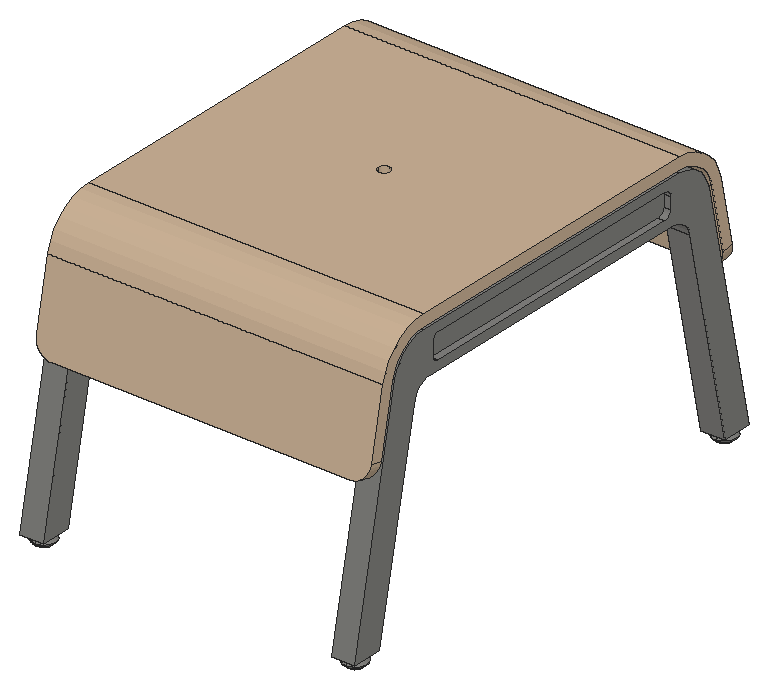
Revit family "Table-Teknion-ZNQT_Zones_In_Line_Table-R2022", category Furniture, Revit 2023
Family settings
  OmniClass Number = 23.40.20.00
  OmniClass Title = General Furniture and Specialties
  Work Plane-Based = No
  Enable Cutting in Views = No
  Always vertical = Yes
  Cut with Voids When Loaded = No
  Render Appearance Source = Family Geometry
  Shared = Yes
  Room Calculation Point = No
Parameters (values of type "With Cut Out For Light Style")
  Warranty = "http://www.teknion.com/ca/papers/legal-canada"
  Unit Weight URL = "http://www.teknion.com/ca/tools/assets#&asset=bee6a381-b954-425e-8283-5a2de3a804f2,f828d448-4b62-4231-9e5f-9a8991c0ed77"
  URL = "www.teknion.com"
  To render please download texture images found here [instance] = "https://assets.teknion.com/web/5e81352c1dfdb467/revit-material-swatches/"
  Table Finish [instance] = Veneer - Teknion - DC - Pecan Beech
  Sustainability Data = "https://www.teknion.com/ca/tools/assets#&topic=216f99a5-57a0-44fc-b10a-9dee9b29ae4c&asset=444deb64-fe58-4b68-981e-f75e97781df7,b4ff2d81-9f2e-437d-9659-7cffb09c31cf"
  Series = "Zones"  # constant formula
  Product Page URL = "https://www.teknion.com/ca/products/product-details?productlineid=b28c7a6e-8e7a-673b-a6c8-ff64004460c4"
  Product Line = "Modular Seating"  # constant formula
  Product Documentation Link = "https://www.teknion.com/pricing/zones/pdfs/ZNQT_ppg.pdf"
  Part Number = "ZNQT"  # constant formula
  Model = "ZNQTY"
  Metal Leg Finish [instance] = Seamless Paint - Teknion - 24 - Greystone
  Manufacturer Phone = "416-661-3370"  # constant formula
  Manufacturer Fax = "416.661.4586"  # constant formula
  Manufacturer Contact Information = "http://www.teknion.com/ca/contactus"
  Manufacturer Address = "1150 Flint Road, Toronto, ON. M3J 2J5. Canada"  # constant formula
  Manufacturer = "Teknion"  # constant formula
  MR - No Cut-Out = not([MR - Has Cut-Out])  # no
  MR - Has Cut-Out = [Has Cut-Out]  # yes
  How To Use Teknion Materials User Guide [instance] = "https://assets.teknion.com/m/205dd0a49fa58060/original/How-to-add-a-Material-Library-and-Texture-Images-to-your-Revit-project.pdf"
  Has Cut-Out = yes
  For Additional Finishes please visit [instance] = "https://assets.teknion.com/m/44a8009b046e5d47/original/Teknion_Materials_Library.zip"
  Description = "Zones - In-Line Table, With Cut Out For Light Style"
  Default Elevation = 0.000"
  Cut-Out - Light = if([Has Cut-Out], 3.000", 0.100")  # 3.000"
  Assembly Code = "E2020200"
Types (3): name | Table Finish | Model | Metal Leg Finish | MR - No Cut-Out | MR - Has Cut-Out | Has Cut-Out | Description | Cut-Out - Light
  (no name) | Veneer - Teknion - DC - Pecan Beech | "ZNQTY" | Seamless Paint - Teknion - 24 - Greystone | no | yes | yes | "Zones - In-Line Table, With Cut Out For Light Style" | 3.000"
  With Cut Out For Light Style | Veneer - Teknion - DC - Pecan Beech | "ZNQTY" | Seamless Paint - Teknion - 24 - Greystone | no | yes | yes | "Zones - In-Line Table, With Cut Out For Light Style" | 3.000"
  No Cut Out Style | Veneer - Teknion - BR - Greystone Beech | "ZNQTN" | Seamless Paint - Teknion - 27 - Sand | yes | no | no | "Zones - In-Line Table, No Cut Out Style" | 0.100"
Reference planes (in)
  plane 1 "Center Front/Back": y = 0
  plane 2: z = 0
  plane 3 "Center Left/Right": x = 9.25
  plane 4 "Left": x = 0.25
  plane 5 "Right": x = 18.25
  plane 6 "Back": y = 13.20459
  plane 7 "Front": y = -13.20459
  plane 8 "Top": z = 15.42691
  plane 9 "1": x = 0.88005
  plane 10 "2": x = 17.61995
Forms (in)
  Sweep 1, solid, material "Seamless Paint - Teknion - 24 - Greystone" <- "Metal Leg Finish"
    path origin (0, 0, 0) x (1, 0, 0) y (0, 1, 0)
      loop
        line (1.5101, 0) -> (0.25, 0)
    profile origin (0.88005, 0, 0) x (0, -1, 0) y (0, 0, 1)
      loop
        arc (8.13508, 12.29643) -> (8.8805, 12.03247) -> (9.29367, 11.35823) r 1.18447
        line (9.29367, 11.35823) -> (11.60184, 0.49916) -> (13.20504, 0.49892) -> (10.52758, 13.09535)
        arc (10.52758, 13.09535) -> (9.84207, 14.214) -> (8.60534, 14.65195) r 1.96519
        line (8.60534, 14.65195) -> (-8.60534, 14.65195)
        arc (-8.60534, 14.65195) -> (-9.84207, 14.214) -> (-10.52758, 13.09535) r 1.96519
        line (-10.52758, 13.09535) -> (-13.20504, 0.49892) -> (-11.60184, 0.49916) -> (-9.29367, 11.35823)
        arc (-9.29367, 11.35823) -> (-8.8805, 12.03247) -> (-8.13508, 12.29643) r 1.18447
        line (-8.13508, 12.29643) -> (8.13508, 12.29643)
  Sweep 2, void
    path origin (0, 0, 0) x (1, 0, 0) y (0, 1, 0)
      loop
        line (0.6437, 0) -> (-0.3563, 0)
    profile origin (0.1437, 0, 0) x (0, -1, 0) y (0, 0, 1)
      loop
        arc (7.62113, 12.7748) -> (7.89295, 12.88739) -> (8.00554, 13.15921) r 0.38441
        line (8.00554, 13.15921) -> (8.00554, 13.78913)
        arc (8.00554, 13.78913) -> (7.89295, 14.06095) -> (7.62113, 14.17355) r 0.38441
        line (7.62113, 14.17355) -> (-7.62113, 14.17355)
        arc (-7.62113, 14.17355) -> (-7.89295, 14.06095) -> (-8.00554, 13.78913) r 0.38441
        line (-8.00554, 13.78913) -> (-8.00554, 13.15921)
        arc (-8.00554, 13.15921) -> (-7.89295, 12.88739) -> (-7.62113, 12.7748) r 0.38441
        line (-7.62113, 12.7748) -> (7.62113, 12.7748)
  Sweep 3, solid, material "Seamless Paint - Teknion - 24 - Greystone" <- "Metal Leg Finish"
    path origin (18.5, 0, 0) x (-1, 0, 0) y (0, -1, 0)
      loop
        line (1.5101, 0) -> (0.25, 0)
    profile origin (17.61995, 0, 0) x (0, 1, 0) y (0, 0, 1)
      loop
        line (-8.13508, 12.29643) -> (8.13508, 12.29643)
        arc (8.13508, 12.29643) -> (8.8805, 12.03247) -> (9.29367, 11.35823) r 1.18447
        line (9.29367, 11.35823) -> (11.60184, 0.49916) -> (13.20504, 0.49892) -> (10.52758, 13.09535)
        arc (10.52758, 13.09535) -> (9.84207, 14.214) -> (8.60534, 14.65195) r 1.96519
        line (8.60534, 14.65195) -> (-8.60534, 14.65195)
        arc (-8.60534, 14.65195) -> (-9.84207, 14.214) -> (-10.52758, 13.09535) r 1.96519
        line (-10.52758, 13.09535) -> (-13.20504, 0.49892) -> (-11.60184, 0.49916) -> (-9.29367, 11.35823)
        arc (-9.29367, 11.35823) -> (-8.8805, 12.03247) -> (-8.13508, 12.29643) r 1.18447
  Sweep 4, void
    path origin (18.5, 0, 0) x (-1, 0, 0) y (0, -1, 0)
      loop
        line (0.6437, 0) -> (-0.3563, 0)
    profile origin (18.3563, 0, 0) x (0, 1, 0) y (0, 0, 1)
      loop
        line (-7.62113, 12.7748) -> (7.62113, 12.7748)
        arc (7.62113, 12.7748) -> (7.89295, 12.88739) -> (8.00554, 13.15921) r 0.38441
        line (8.00554, 13.15921) -> (8.00554, 13.78913)
        arc (8.00554, 13.78913) -> (7.89295, 14.06095) -> (7.62113, 14.17355) r 0.38441
        line (7.62113, 14.17355) -> (-7.62113, 14.17355)
        arc (-7.62113, 14.17355) -> (-7.89295, 14.06095) -> (-8.00554, 13.78913) r 0.38441
        line (-8.00554, 13.78913) -> (-8.00554, 13.15921)
        arc (-8.00554, 13.15921) -> (-7.89295, 12.88739) -> (-7.62113, 12.7748) r 0.38441
  Sweep 5, solid, material "Veneer - Teknion - DC - Pecan Beech" <- "Table Finish"
    path origin (0, 0, 0) x (1, 0, 0) y (0, 1, 0)
      loop
        line (18.25, 0) -> (0.25, 0)
    profile origin (9.25, 0, 0) x (0, -1, 0) y (0, 0, 1)
      loop
        line (8.61651, 15.42691) -> (-8.61651, 15.42691)
        arc (-8.61651, 15.42691) -> (-10.37254, 14.80507) -> (-11.34589, 13.2167) r 2.79035
        line (-11.34589, 13.2167) -> (-10.73455, 13.08676)
        arc (-10.73455, 13.08676) -> (-9.97921, 14.31935) -> (-8.61651, 14.80191) r 2.16535
        line (-8.61651, 14.80191) -> (8.61651, 14.80191)
        arc (8.61651, 14.80191) -> (9.97921, 14.31935) -> (10.73455, 13.08676) r 2.16535
        line (10.73455, 13.08676) -> (11.34589, 13.2167)
        arc (11.34589, 13.2167) -> (10.37254, 14.80507) -> (8.61651, 15.42691) r 2.79035
  Sweep 6, solid, material "Veneer - Teknion - DC - Pecan Beech" <- "Table Finish"
    path origin (9.25, 0, 0) x (0, 1, 0) y (0, 0, 1)
      loop
        line (-11.34589, 13.2167) -> (-10.73455, 13.08676)
    profile origin (9.25, -11.04022, 13.15173) x (0, 0.207912, 0.978148) y (1, 0, 0)
      loop
        line (-4.61243, 8) -> (-4.61243, -8)
        arc (-4.61243, -8) -> (-4.31954, -8.70711) -> (-3.61243, -9) r 1
        line (-3.61243, -9) -> (0, -9) -> (0, 9) -> (-3.61243, 9)
        arc (-3.61243, 9) -> (-4.31954, 8.70711) -> (-4.61243, 8) r 1
  Sweep 7, solid, material "Veneer - Teknion - DC - Pecan Beech" <- "Table Finish"
    path origin (9.25, 0, 0) x (0, -1, 0) y (0, 0, -1)
      loop
        line (-11.34589, -13.2167) -> (-10.73455, -13.08676)
    profile origin (9.25, 11.04022, 13.15173) x (0, 0.207912, -0.978148) y (1, 0, 0)
      loop
        arc (4.61243, 8) -> (4.31954, 8.70711) -> (3.61243, 9) r 1
        line (3.61243, 9) -> (0, 9) -> (0, -9) -> (3.61243, -9)
        arc (3.61243, -9) -> (4.31954, -8.70711) -> (4.61243, -8) r 1
        line (4.61243, -8) -> (4.61243, 8)
  Sweep 8, void
    path origin (0, 0, 0) x (1, 0, 0) y (0, 0, 1)
      loop
        line (9.25, 16.67691) -> (9.25, 13.67691)
    profile origin (9.25, 0, 15.17691) x (0, -1, 0) y (1, 0, 0)
      loop
        circle (0, 0) r 0.325
  Sweep 9, solid, material "Veneer - Teknion - DC - Pecan Beech" <- "Table Finish"
    path origin (9.25, 0, 0) x (0, 1, 0) y (0, 0, 1)
      loop
        line (0, 13.87443) -> (0, 14.92691)
    profile origin (9.25, 0, 14.40067) x (0, -1, 0) y (1, 0, 0)
      loop
        line (-5.75, -6.674) -> (-8.25, -6.674) -> (-8.25, -7.6589) -> (-5.75, -7.6589) -> (-5.75, -6.674)
      loop
        line (-8.25, 6.674) -> (-5.75, 6.674) -> (-5.75, 7.6589) -> (-8.25, 7.6589) -> (-8.25, 6.674)
      loop
        line (5.75, 7.6589) -> (5.75, 6.674) -> (8.25, 6.674) -> (8.25, 7.6589) -> (5.75, 7.6589)
      loop
        line (8.25, -6.674) -> (5.75, -6.674) -> (5.75, -7.6589) -> (8.25, -7.6589) -> (8.25, -6.674)
  Sweep 10, solid, material "Veneer - Teknion - DC - Pecan Beech" <- "Table Finish"
    path origin (9.25, 0, 0) x (0, 1, 0) y (0, 0, 1)
      loop
        line (-10.5785, 10.62466) -> (-10.05872, 13.07003)
    profile origin (9.25, -10.31861, 11.84734) x (0, -0.978148, 0.207912) y (1, 0, 0)
      loop
        line (0, -6.75) -> (0, -7.8189) -> (0.91453, -7.8189) -> (0.91453, -6.75) -> (0, -6.75)
      loop
        line (0, 6.75) -> (0.91453, 6.75) -> (0.91453, 7.8189) -> (0, 7.8189) -> (0, 6.75)
  Sweep 11, solid, material "Veneer - Teknion - DC - Pecan Beech" <- "Table Finish"
    path origin (9.25, 0, 0) x (0, -1, 0) y (0, 0, -1)
      loop
        line (-10.5785, -10.62466) -> (-10.05872, -13.07003)
    profile origin (9.25, 10.31861, 11.84734) x (0, -0.978148, -0.207912) y (1, 0, 0)
      loop
        line (0, -6.75) -> (-0.91453, -6.75) -> (-0.91453, -7.8189) -> (0, -7.8189) -> (0, -6.75)
      loop
        line (0, 6.75) -> (0, 7.8189) -> (-0.91453, 7.8189) -> (-0.91453, 6.75) -> (0, 6.75)
  Revolve 12, solid, material "Seamless Paint - Teknion - 24 - Greystone" <- "Metal Leg Finish"
    sketch origin (0.88005, -38.16977, 48) x (0, -1, 0) y (0, 0, 1)
      loop
        line (-26.01561, -47.52) -> (-26.38884, -47.79991) -> (-26.35738, -47.85) -> (-26.28905, -47.85) -> (-26.19485, -48) -> (-25.76616, -48) -> (-25.76616, -47.52) -> (-26.01561, -47.52)
      axis (-25.76616, -47.52) -> (-25.76616, -48)
    angle from 0 to 360
  Revolve 13, solid, material "Seamless Paint - Teknion - 24 - Greystone" <- "Metal Leg Finish"
    sketch origin (0.88005, 38.16977, 48) x (0, 1, 0) y (0, 0, -1)
      loop
        line (-26.01561, 47.52) -> (-25.76616, 47.52) -> (-25.76616, 48) -> (-26.19485, 48) -> (-26.28905, 47.85) -> (-26.35738, 47.85) -> (-26.38884, 47.79991) -> (-26.01561, 47.52)
      axis (-25.76616, 47.52) -> (-25.76616, 48)
    angle from 0 to 360
  Revolve 14, solid, material "Seamless Paint - Teknion - 24 - Greystone" <- "Metal Leg Finish"
    sketch origin (17.61995, -13.38337, 48) x (0, -1, 0) y (0, 0, 1)
      loop
        line (-1.22921, -47.52) -> (-1.60244, -47.79991) -> (-1.57098, -47.85) -> (-1.50265, -47.85) -> (-1.40846, -48) -> (-0.97976, -48) -> (-0.97976, -47.52) -> (-1.22921, -47.52)
      axis (-0.97976, -47.52) -> (-0.97976, -48)
    angle from 0 to 360
  Revolve 15, solid, material "Seamless Paint - Teknion - 24 - Greystone" <- "Metal Leg Finish"
    sketch origin (17.61995, -13.38337, 48) x (0, -1, 0) y (0, 0, 1)
      loop
        line (-25.53753, -47.52) -> (-25.78698, -47.52) -> (-25.78698, -48) -> (-25.35828, -48) -> (-25.26409, -47.85) -> (-25.19576, -47.85) -> (-25.1643, -47.79991) -> (-25.53753, -47.52)
      axis (-25.78698, -47.52) -> (-25.78698, -48)
    angle from 0 to 360
Cuts and joins
  Sweep 4 cuts Sweep 3
  Sweep 2 cuts Sweep 1
  Sweep 8 cuts Sweep 5
  joined: Sweep 5, Sweep 6, Sweep 7, Sweep 9, Sweep 10, Sweep 11
Lines and regions (in)
  Masking region 1, visible <- "MR - No Cut-Out"
    outline origin (0, 0, 0) x (1, 0, 0) y (0, 1, 0)
      loop
        line (0.25, 13.20504) -> (0.25, -13.20504) -> (1.5101, -13.20504) -> (1.5101, -12.30487) -> (16.9899, -12.30487) -> (16.9899, -13.20504) -> (18.25, -13.20504) -> (18.25, 13.20504) -> (16.9899, 13.20504) -> (16.9899, 12.30487) -> (1.5101, 12.30487) -> (1.5101, 13.20504) -> (0.25, 13.20504)
  Masking region 2, visible <- "MR - Has Cut-Out"
    outline origin (0, 0, 0) x (1, 0, 0) y (0, 1, 0)
      loop
        line (16.9899, 12.30487) -> (1.5101, 12.30487) -> (1.5101, 13.20504) -> (0.25, 13.20504) -> (0.25, -13.20504) -> (1.5101, -13.20504) -> (1.5101, -12.30487) -> (16.9899, -12.30487) -> (16.9899, -13.20504) -> (18.25, -13.20504) -> (18.25, 13.20504) -> (16.9899, 13.20504) -> (16.9899, 12.30487)
      loop
        circle (9.25, 0) r 0.325
  symbolic lines
    curve 1: line (17.25, 12.30487, 0) -> (1.25, 12.30487, 0)
    curve 2: spline (1.25, 12.30487, 0) -> (1.11947, 12.30309, 0) -> (0.99118, 12.29778, 0) -> (0.86732, 12.28904, 0) -> (0.75, 12.27701, 0) -> (0.64124, 12.2619, 0) -> (0.54289, 12.24397, 0) -> (0.45665, 12.22353, 0) -> (0.38397, 12.20091, 0) -> (0.32612, 12.17652, 0) -> (0.28407, 12.15077, 0) -> (0.25856, 12.12409, 0) -> (0.25, 12.09696, 0)
    curve 3: spline (18.25, 12.09696, 0) -> (18.24144, 12.12409, 0) -> (18.21593, 12.15077, 0) -> (18.17388, 12.17652, 0) -> (18.11603, 12.20091, 0) -> (18.04335, 12.22353, 0) -> (17.95711, 12.24397, 0) -> (17.85876, 12.2619, 0) -> (17.75, 12.27701, 0) -> (17.63268, 12.28904, 0) -> (17.50882, 12.29778, 0) -> (17.38053, 12.30309, 0) -> (17.25, 12.30487, 0)
    curve 4: line (1.25, -12.30487, 0) -> (17.25, -12.30487, 0)
    curve 5: spline (17.25, -12.30487, 0) -> (17.38053, -12.30309, 0) -> (17.50882, -12.29778, 0) -> (17.63268, -12.28904, 0) -> (17.75, -12.27701, 0) -> (17.85876, -12.2619, 0) -> (17.95711, -12.24397, 0) -> (18.04335, -12.22353, 0) -> (18.11603, -12.20091, 0) -> (18.17388, -12.17652, 0) -> (18.21593, -12.15077, 0) -> (18.24144, -12.12409, 0) -> (18.25, -12.09696, 0)
    curve 6: spline (0.25, -12.09696, 0) -> (0.25856, -12.12409, 0) -> (0.28407, -12.15077, 0) -> (0.32612, -12.17652, 0) -> (0.38397, -12.20091, 0) -> (0.45665, -12.22353, 0) -> (0.54289, -12.24397, 0) -> (0.64124, -12.2619, 0) -> (0.75, -12.27701, 0) -> (0.86732, -12.28904, 0) -> (0.99118, -12.29778, 0) -> (1.11947, -12.30309, 0) -> (1.25, -12.30487, 0)
  symbolic lines, style "FurnitureHiddenLines", detail levels medium+fine
    curve 7: line (1.5101, 13.20504, 0) -> (1.5101, -13.20504, 0)
    curve 8: line (16.9899, -13.20504, 0) -> (16.9899, 13.20504, 0)
    curve 9: line (1.25, 11.69353, 0) -> (17.25, 11.69353, 0)
    curve 10: spline (0.25, 11.48561, 0) -> (0.25856, 11.51275, 0) -> (0.28407, 11.53943, 0) -> (0.32612, 11.56518, 0) -> (0.38397, 11.58957, 0) -> (0.45665, 11.61218, 0) -> (0.54289, 11.63263, 0) -> (0.64124, 11.65056, 0) -> (0.75, 11.66567, 0) -> (0.86732, 11.6777, 0) -> (0.99118, 11.68644, 0) -> (1.11947, 11.69175, 0) -> (1.25, 11.69353, 0)
    curve 11: spline (17.25, 11.69353, 0) -> (17.38053, 11.69175, 0) -> (17.50882, 11.68644, 0) -> (17.63268, 11.6777, 0) -> (17.75, 11.66567, 0) -> (17.85876, 11.65056, 0) -> (17.95711, 11.63263, 0) -> (18.04335, 11.61218, 0) -> (18.11603, 11.58957, 0) -> (18.17388, 11.56518, 0) -> (18.21593, 11.53943, 0) -> (18.24144, 11.51275, 0) -> (18.25, 11.48561, 0)
    curve 12: line (17.25, -11.69353, 0) -> (1.25, -11.69353, 0)
    curve 13: spline (18.25, -11.48561, 0) -> (18.24144, -11.51275, 0) -> (18.21593, -11.53943, 0) -> (18.17388, -11.56518, 0) -> (18.11603, -11.58957, 0) -> (18.04335, -11.61218, 0) -> (17.95711, -11.63263, 0) -> (17.85876, -11.65056, 0) -> (17.75, -11.66567, 0) -> (17.63268, -11.6777, 0) -> (17.50882, -11.68644, 0) -> (17.38053, -11.69175, 0) -> (17.25, -11.69353, 0)
    curve 14: spline (1.25, -11.69353, 0) -> (1.11947, -11.69175, 0) -> (0.99118, -11.68644, 0) -> (0.86732, -11.6777, 0) -> (0.75, -11.66567, 0) -> (0.64124, -11.65056, 0) -> (0.54289, -11.63263, 0) -> (0.45665, -11.61218, 0) -> (0.38397, -11.58957, 0) -> (0.32612, -11.56518, 0) -> (0.28407, -11.53943, 0) -> (0.25856, -11.51275, 0) -> (0.25, -11.48561, 0)
    curve 15: line (0.25, -11.60184, 0) -> (1.5101, -11.60184, 0)
    curve 16: line (16.9899, -11.60184, 0) -> (18.25, -11.60184, 0)
    curve 17: line (16.9899, 11.60184, 0) -> (18.25, 11.60184, 0)
    curve 18: line (0.25, 11.60184, 0) -> (1.5101, 11.60184, 0)
    curve 19: line (2.5, 11.22852, 0) -> (1.4311, 11.22852, 0)
    curve 20: line (1.4311, 11.22852, 0) -> (1.4311, 10.05872, 0)
    curve 21: line (1.4311, 10.70525, 0) -> (2.5, 10.70525, 0)
    curve 22: line (2.5, 10.5785, 0) -> (1.4311, 10.5785, 0)
    curve 23: line (2.5, 10.05872, 0) -> (2.5, 11.22852, 0)
    curve 24: line (1.4311, 10.05872, 0) -> (2.5, 10.05872, 0)
    curve 25: line (2.576, 8.25, 0) -> (1.5911, 8.25, 0)
    curve 26: line (1.5911, 8.25, 0) -> (1.5911, 5.75, 0)
    curve 27: line (2.576, 5.75, 0) -> (2.576, 8.25, 0)
    curve 28: line (1.5911, 5.75, 0) -> (2.576, 5.75, 0)
    curve 29: line (2.576, -5.75, 0) -> (1.5911, -5.75, 0)
    curve 30: line (1.5911, -5.75, 0) -> (1.5911, -8.25, 0)
    curve 31: line (1.5911, -8.25, 0) -> (2.576, -8.25, 0)
    curve 32: line (2.576, -8.25, 0) -> (2.576, -5.75, 0)
    curve 33: line (2.5, -10.05872, 0) -> (1.4311, -10.05872, 0)
    curve 34: line (2.5, -11.22852, 0) -> (2.5, -10.05872, 0)
    curve 35: line (1.4311, -10.5785, 0) -> (2.5, -10.5785, 0)
    curve 36: line (2.5, -10.70525, 0) -> (1.4311, -10.70525, 0)
    curve 37: line (1.4311, -10.05872, 0) -> (1.4311, -11.22852, 0)
    curve 38: line (1.4311, -11.22852, 0) -> (2.5, -11.22852, 0)
    curve 39: line (16, 11.22852, 0) -> (17.0689, 11.22852, 0)
    curve 40: line (17.0689, 11.22852, 0) -> (17.0689, 10.05872, 0)
    curve 41: line (17.0689, 10.70525, 0) -> (16, 10.70525, 0)
    curve 42: line (16, 10.5785, 0) -> (17.0689, 10.5785, 0)
    curve 43: line (16, 10.05872, 0) -> (16, 11.22852, 0)
    curve 44: line (17.0689, 10.05872, 0) -> (16, 10.05872, 0)
    curve 45: line (15.924, 8.25, 0) -> (16.9089, 8.25, 0)
    curve 46: line (16.9089, 8.25, 0) -> (16.9089, 5.75, 0)
    curve 47: line (15.924, 5.75, 0) -> (15.924, 8.25, 0)
    curve 48: line (16.9089, 5.75, 0) -> (15.924, 5.75, 0)
    curve 49: line (15.924, -5.75, 0) -> (16.9089, -5.75, 0)
    curve 50: line (16.9089, -5.75, 0) -> (16.9089, -8.25, 0)
    curve 51: line (16.9089, -8.25, 0) -> (15.924, -8.25, 0)
    curve 52: line (15.924, -8.25, 0) -> (15.924, -5.75, 0)
    curve 53: line (16, -10.05872, 0) -> (17.0689, -10.05872, 0)
    curve 54: line (16, -11.22852, 0) -> (16, -10.05872, 0)
    curve 55: line (17.0689, -10.5785, 0) -> (16, -10.5785, 0)
    curve 56: line (16, -10.70525, 0) -> (17.0689, -10.70525, 0)
    curve 57: line (17.0689, -10.05872, 0) -> (17.0689, -11.22852, 0)
    curve 58: line (17.0689, -11.22852, 0) -> (16, -11.22852, 0)
    curve 59: line (0.6437, 8.00554, 0) -> (0.6437, -8.00554, 0)
    curve 60: line (0.6437, 8.00554, 0) -> (0.25, 8.00554, 0)
    curve 61: line (0.6437, -8.00554, 0) -> (0.25, -8.00554, 0)
    curve 62: line (17.8563, 8.00554, 0) -> (17.8563, -8.00554, 0)
    curve 63: line (17.8563, 8.00554, 0) -> (18.25, 8.00554, 0)
    curve 64: line (17.8563, -8.00554, 0) -> (18.25, -8.00554, 0)
  symbolic lines, style "FurnitureHiddenLines", detail levels fine
    curve 65: arc (0.88005, -11.78093, 0) -> (1.50273, -12.40361, 0) -> (0.88005, -13.02629, 0) r 0.62268
    curve 66: arc (0.88005, -12.99483, 0) -> (1.47127, -12.40361, 0) -> (0.88005, -11.81239, 0) r 0.59122
    curve 67: arc (0.88005, -12.9265, 0) -> (1.40294, -12.40361, 0) -> (0.88005, -11.88072, 0) r 0.52289
    curve 68: arc (0.88005, -12.83231, 0) -> (1.30875, -12.40361, 0) -> (0.88005, -11.97491, 0) r 0.4287
    curve 69: arc (0.88005, -12.65306, 0) -> (1.1295, -12.40361, 0) -> (0.88005, -12.15416, 0) r 0.24945
    curve 70: arc (0.88005, -11.78093, 0) -> (0.25737, -12.40361, 0) -> (0.88005, -13.02629, 0) r 0.62268
    curve 71: arc (0.88005, -12.99483, 0) -> (0.28883, -12.40361, 0) -> (0.88005, -11.81239, 0) r 0.59122
    curve 72: arc (0.88005, -12.9265, 0) -> (0.35716, -12.40361, 0) -> (0.88005, -11.88072, 0) r 0.52289
    curve 73: arc (0.88005, -12.83231, 0) -> (0.45135, -12.40361, 0) -> (0.88005, -11.97491, 0) r 0.4287
    curve 74: arc (0.88005, -12.65306, 0) -> (0.6306, -12.40361, 0) -> (0.88005, -12.15416, 0) r 0.24945
    curve 75: arc (0.88005, 13.02629, 0) -> (1.50273, 12.40361, 0) -> (0.88005, 11.78093, 0) r 0.62268
    curve 76: arc (0.88005, 11.81239, 0) -> (1.47127, 12.40361, 0) -> (0.88005, 12.99483, 0) r 0.59122
    curve 77: arc (0.88005, 11.88072, 0) -> (1.40294, 12.40361, 0) -> (0.88005, 12.9265, 0) r 0.52289
    curve 78: arc (0.88005, 11.97491, 0) -> (1.30875, 12.40361, 0) -> (0.88005, 12.83231, 0) r 0.4287
    curve 79: arc (0.88005, 12.15416, 0) -> (1.1295, 12.40361, 0) -> (0.88005, 12.65306, 0) r 0.24945
    curve 80: arc (0.88005, 13.02629, 0) -> (0.25737, 12.40361, 0) -> (0.88005, 11.78093, 0) r 0.62268
    curve 81: arc (0.88005, 11.81239, 0) -> (0.28883, 12.40361, 0) -> (0.88005, 12.99483, 0) r 0.59122
    curve 82: arc (0.88005, 11.88072, 0) -> (0.35716, 12.40361, 0) -> (0.88005, 12.9265, 0) r 0.52289
    curve 83: arc (0.88005, 11.97491, 0) -> (0.45135, 12.40361, 0) -> (0.88005, 12.83231, 0) r 0.4287
    curve 84: arc (0.88005, 12.15416, 0) -> (0.6306, 12.40361, 0) -> (0.88005, 12.65306, 0) r 0.24945
    curve 85: arc (17.61995, -11.78093, 0) -> (16.99727, -12.40361, 0) -> (17.61995, -13.02629, 0) r 0.62268
    curve 86: arc (17.61995, -12.99483, 0) -> (17.02873, -12.40361, 0) -> (17.61995, -11.81239, 0) r 0.59122
    curve 87: arc (17.61995, -12.9265, 0) -> (17.09706, -12.40361, 0) -> (17.61995, -11.88072, 0) r 0.52289
    curve 88: arc (17.61995, -12.83231, 0) -> (17.19125, -12.40361, 0) -> (17.61995, -11.97491, 0) r 0.4287
    curve 89: arc (17.61995, -12.65306, 0) -> (17.3705, -12.40361, 0) -> (17.61995, -12.15416, 0) r 0.24945
    curve 90: arc (17.61995, -11.78093, 0) -> (18.24263, -12.40361, 0) -> (17.61995, -13.02629, 0) r 0.62268
    curve 91: arc (17.61995, -12.99483, 0) -> (18.21117, -12.40361, 0) -> (17.61995, -11.81239, 0) r 0.59122
    curve 92: arc (17.61995, -12.9265, 0) -> (18.14284, -12.40361, 0) -> (17.61995, -11.88072, 0) r 0.52289
    curve 93: arc (17.61995, -12.83231, 0) -> (18.04865, -12.40361, 0) -> (17.61995, -11.97491, 0) r 0.4287
    curve 94: arc (17.61995, -12.65306, 0) -> (17.8694, -12.40361, 0) -> (17.61995, -12.15416, 0) r 0.24945
    curve 95: arc (17.61995, 13.02629, 0) -> (16.99727, 12.40361, 0) -> (17.61995, 11.78093, 0) r 0.62268
    curve 96: arc (17.61995, 11.81239, 0) -> (17.02873, 12.40361, 0) -> (17.61995, 12.99483, 0) r 0.59122
    curve 97: arc (17.61995, 11.88072, 0) -> (17.09706, 12.40361, 0) -> (17.61995, 12.9265, 0) r 0.52289
    curve 98: arc (17.61995, 11.97491, 0) -> (17.19125, 12.40361, 0) -> (17.61995, 12.83231, 0) r 0.4287
    curve 99: arc (17.61995, 12.15416, 0) -> (17.3705, 12.40361, 0) -> (17.61995, 12.65306, 0) r 0.24945
    curve 100: arc (17.61995, 13.02629, 0) -> (18.24263, 12.40361, 0) -> (17.61995, 11.78093, 0) r 0.62268
    curve 101: arc (17.61995, 11.81239, 0) -> (18.21117, 12.40361, 0) -> (17.61995, 12.99483, 0) r 0.59122
    curve 102: arc (17.61995, 11.88072, 0) -> (18.14284, 12.40361, 0) -> (17.61995, 12.9265, 0) r 0.52289
    curve 103: arc (17.61995, 11.97491, 0) -> (18.04865, 12.40361, 0) -> (17.61995, 12.83231, 0) r 0.4287
    curve 104: arc (17.61995, 12.15416, 0) -> (17.8694, 12.40361, 0) -> (17.61995, 12.65306, 0) r 0.24945
Dimensions and locks (in)
  locked: plane 4 "Left" to plane 5 "Right" at 18
  locked: plane 6 "Back" to plane 7 "Front" at 26.40919
  locked: plane 8 "Top" to level at 15.42691
  equal spacing: plane 6 "Back", plane 1 "Center Front/Back", plane 7 "Front"
  equal spacing: plane 4 "Left", plane 3 "Center Left/Right", plane 5 "Right"
  locked: Sweep 8 sketch curve to plane 8 "Top" at 1.25
  "Cut-Out - Light": Sweep 8 sketch curve to Sweep 8 sketch curve
  aligned and locked: level to plane 2
  aligned and locked: Sweep 5 sketch curve to plane 1 "Center Front/Back"
  aligned and locked: Sweep 8 sketch curve to plane 3 "Center Left/Right"
  aligned and locked: nested 2 to plane 1 "Center Front/Back"
  aligned and locked: plane 1 "Center Front/Back" to nested 1
  aligned and locked: plane 1 "Center Front/Back" to nested 3
  aligned and locked: plane 3 "Center Left/Right" to nested 3
Automatic sketch dimensions
  Sweep 1 sketch curve to plane 1 "Center Front/Back" = 0.000"
  Sweep 1 sketch curve to plane 4 "Left" = 0.000"
  Sweep 1 sketch curve to plane 9 "1" = 0.63005"
  level to Sweep 1 sketch curve = 0.49892"  (x2)
  profile plane to Sweep 1 sketch curve = 13.20504"
  level to Sweep 1 sketch curve = 0.49916"  (x2)
  Sweep 1 sketch curve to Sweep 1 sketch curve = 1.6032"  (x2)
  profile plane to Sweep 1 sketch curve = 10.52758"
  Sweep 1 sketch curve to Sweep 1 sketch curve = 1.23391"
  Sweep 1 sketch curve to Sweep 1 sketch curve = 1.92224"  (x2)
  Sweep 1 sketch curve to Sweep 1 sketch curve = 0.47026"  (x2)
  Sweep 1 sketch curve to profile plane = 8.13508"
  Sweep 1 sketch curve to Sweep 1 sketch curve = 1.15859"
  Sweep 1 sketch curve to Sweep 1 sketch curve = 2.30817"
  level to Sweep 1 sketch curve = 11.11196"  (x2)
  Sweep 1 sketch curve to Sweep 1 sketch curve = 0.24627"
  Sweep 1 sketch curve to Sweep 1 sketch curve = 0.39033"  (x2)
  Sweep 1 sketch curve to Sweep 1 sketch curve = 0.40859"
  Sweep 2 sketch curve to plane 1 "Center Front/Back" = 0.000"
  Sweep 2 sketch curve to plane 4 "Left" = 0.6063"
  plane 9 "1" to Sweep 2 sketch curve = 0.23635"
  profile plane to Sweep 2 sketch curve = 8.00554"
  Sweep 2 sketch curve to Sweep 2 sketch curve = 0.38441"  (x3)
  Sweep 2 sketch curve to profile plane = 7.62113"
  Sweep 2 sketch curve to Sweep 2 sketch curve = 0.000"
  level to Sweep 2 sketch curve = 12.7748"
  Sweep 2 sketch curve to Sweep 2 sketch curve = 0.62992"
  plane 1 "Center Front/Back" to Sweep 3 sketch curve = 0.000"
  Sweep 3 sketch curve to plane 5 "Right" = 0.000"
  Sweep 3 sketch curve to plane 10 "2" = 0.63005"
  level to Sweep 3 sketch curve = 0.49892"  (x2)
  profile plane to Sweep 3 sketch curve = 13.20504"
  level to Sweep 3 sketch curve = 0.49916"  (x2)
  Sweep 3 sketch curve to Sweep 3 sketch curve = 1.6032"  (x2)
  profile plane to Sweep 3 sketch curve = 10.52758"
  Sweep 3 sketch curve to Sweep 3 sketch curve = 1.23391"
  Sweep 3 sketch curve to Sweep 3 sketch curve = 1.92224"  (x2)
  Sweep 3 sketch curve to Sweep 3 sketch curve = 0.47026"  (x2)
  Sweep 3 sketch curve to profile plane = 8.13508"
  Sweep 3 sketch curve to Sweep 3 sketch curve = 1.15859"
  Sweep 3 sketch curve to Sweep 3 sketch curve = 2.30817"
  level to Sweep 3 sketch curve = 11.11196"  (x2)
  Sweep 3 sketch curve to Sweep 3 sketch curve = 0.24627"
  Sweep 3 sketch curve to Sweep 3 sketch curve = 0.39033"  (x2)
  Sweep 3 sketch curve to Sweep 3 sketch curve = 0.40859"
  plane 1 "Center Front/Back" to Sweep 4 sketch curve = 0.000"
  Sweep 4 sketch curve to plane 5 "Right" = 0.6063"
  plane 10 "2" to Sweep 4 sketch curve = 0.23635"
  profile plane to Sweep 4 sketch curve = 8.00554"
  Sweep 4 sketch curve to Sweep 4 sketch curve = 0.38441"  (x3)
  Sweep 4 sketch curve to profile plane = 7.62113"
  Sweep 4 sketch curve to Sweep 4 sketch curve = 0.000"
  level to Sweep 4 sketch curve = 12.7748"
  Sweep 4 sketch curve to Sweep 4 sketch curve = 0.62992"
  Sweep 5 sketch curve to plane 4 "Left" = 0.000"
  Sweep 5 sketch curve to plane 5 "Right" = 0.000"
  Sweep 5 sketch curve to Sweep 5 sketch curve = 0.000"  (x4)
  profile plane to Sweep 5 sketch curve = 11.34589"
  Sweep 5 sketch curve to Sweep 5 sketch curve = 0.61134"  (x2)
  Sweep 5 sketch curve to Sweep 5 sketch curve = 2.11804"  (x2)
  Sweep 5 sketch curve to profile plane = 8.61651"
  level to Sweep 5 sketch curve = 12.63656"  (x2)
  Sweep 5 sketch curve to Sweep 5 sketch curve = 0.4502"
  Sweep 5 sketch curve to Sweep 5 sketch curve = 0.12994"
  Sweep 6 sketch curve to profile plane = 0.000"
  Sweep 6 sketch curve to Sweep 6 sketch curve = 3.61243"  (x2)
  Sweep 6 sketch curve to Sweep 6 sketch curve = 1.000"
  Sweep 6 sketch curve to plane 3 "Center Left/Right" = 9.000"
  plane 3 "Center Left/Right" to Sweep 6 sketch curve = 8.000"
  Sweep 7 sketch curve to plane 6 "Back" = 1.8587"
  Sweep 7 sketch curve to plane 8 "Top" = 2.21021"
  Sweep 7 sketch curve to Sweep 7 sketch curve = 0.61134"
  Sweep 7 sketch curve to Sweep 7 sketch curve = 0.12994"
  Sweep 7 sketch curve to profile plane = 0.000"
  Sweep 7 sketch curve to profile plane = 3.61243"  (x2)
  Sweep 7 sketch curve to Sweep 7 sketch curve = 1.000"
  Sweep 7 sketch curve to plane 3 "Center Left/Right" = 9.000"
  plane 3 "Center Left/Right" to Sweep 7 sketch curve = 8.000"
  Sweep 8 sketch curve to Sweep 8 sketch curve = 0.000"  (x2)
  plane 1 "Center Front/Back" to Sweep 8 sketch curve = 0.000"  (x3)
  Sweep 8 sketch curve to profile plane = 0.000"
  profile plane to Sweep 8 sketch curve = 0.325"
  profile plane to Sweep 9 sketch curve = 8.250"  (x2)
  Sweep 9 sketch curve to Sweep 9 sketch curve = 2.500"  (x4)
  Sweep 9 sketch curve to profile plane = 5.750"  (x2)
  Sweep 9 sketch curve to plane 3 "Center Left/Right" = 7.6589"  (x2)
  Sweep 9 sketch curve to Sweep 9 sketch curve = 0.9849"  (x4)
  plane 3 "Center Left/Right" to Sweep 9 sketch curve = 6.674"  (x2)
  Sweep 10 sketch curve to profile plane = 0.000"  (x2)
  Sweep 10 sketch curve to profile plane = 0.91453"  (x2)
  Sweep 10 sketch curve to plane 3 "Center Left/Right" = 7.8189"
  Sweep 10 sketch curve to Sweep 10 sketch curve = 1.0689"  (x2)
  plane 3 "Center Left/Right" to Sweep 10 sketch curve = 6.750"
  Sweep 11 sketch curve to plane 6 "Back" = 2.62609"
  Sweep 11 sketch curve to plane 8 "Top" = 2.35688"
  Sweep 11 sketch curve to Sweep 11 sketch curve = 0.51978"
  Sweep 11 sketch curve to Sweep 11 sketch curve = 2.44537"
  Sweep 11 sketch curve to profile plane = 0.000"  (x2)
  profile plane to Sweep 11 sketch curve = 0.91453"
  Sweep 11 sketch curve to Sweep 11 sketch curve = 0.91453"
  Sweep 11 sketch curve to plane 3 "Center Left/Right" = 7.8189"
  Sweep 11 sketch curve to Sweep 11 sketch curve = 1.0689"  (x2)
  plane 3 "Center Left/Right" to Sweep 11 sketch curve = 6.750"
  Revolve 12 sketch curve to level = 0.000"
  level to Revolve 12 sketch curve = 0.20009"
  Revolve 12 sketch curve to plane 7 "Front" = 1.42366"
  level to Revolve 12 sketch curve = 0.150"
  Revolve 12 sketch curve to Revolve 12 sketch curve = 0.03146"
  Revolve 12 sketch curve to Revolve 12 sketch curve = 0.06833"
  Revolve 12 sketch curve to Revolve 12 sketch curve = 0.09419"
  Revolve 12 sketch curve to Revolve 12 sketch curve = 0.27344"
  Revolve 12 sketch curve to Revolve 12 sketch curve = 0.24945"
  Revolve 12 sketch curve to Revolve 12 sketch curve = 0.480"
  Revolve 12 sketch curve to Revolve 12 sketch curve = 0.000"
  Revolve 12 sketch curve to level = 0.11368"
  Revolve 12 sketch curve to Revolve 12 sketch curve = 0.15632"
  Revolve 13 sketch curve to level = 0.000"
  level to Revolve 13 sketch curve = 0.20009"
  Revolve 13 sketch curve to plane 6 "Back" = 1.42366"
  level to Revolve 13 sketch curve = 0.150"
  Revolve 13 sketch curve to Revolve 13 sketch curve = 0.03146"
  Revolve 13 sketch curve to Revolve 13 sketch curve = 0.06833"
  Revolve 13 sketch curve to Revolve 13 sketch curve = 0.09419"
  Revolve 13 sketch curve to Revolve 13 sketch curve = 0.27344"
  Revolve 13 sketch curve to Revolve 13 sketch curve = 0.24945"
  Revolve 13 sketch curve to Revolve 13 sketch curve = 0.480"
  Revolve 13 sketch curve to Revolve 13 sketch curve = 0.000"
  Revolve 13 sketch curve to Revolve 13 sketch curve = 0.15632"
  Revolve 13 sketch curve to level = 0.11368"
  Revolve 14 sketch curve to level = 0.000"
  Revolve 14 sketch curve to level = 0.20009"
  plane 7 "Front" to Revolve 14 sketch curve = 1.42366"
  Revolve 14 sketch curve to level = 0.150"
  Revolve 14 sketch curve to Revolve 14 sketch curve = 0.03146"
  Revolve 14 sketch curve to Revolve 14 sketch curve = 0.06833"
  Revolve 14 sketch curve to Revolve 14 sketch curve = 0.09419"
  Revolve 14 sketch curve to Revolve 14 sketch curve = 0.27344"
  Revolve 14 sketch curve to Revolve 14 sketch curve = 0.24945"
  Revolve 14 sketch curve to Revolve 14 sketch curve = 0.480"
  Revolve 14 sketch curve to Revolve 14 sketch curve = 0.000"
  level to Revolve 14 sketch curve = 0.11368"
  Revolve 14 sketch curve to Revolve 14 sketch curve = 0.15632"
  Revolve 15 sketch curve to level = 0.000"
  plane 6 "Back" to Revolve 15 sketch curve = 0.80098"
  Revolve 15 sketch curve to Revolve 15 sketch curve = 0.24945"
  Revolve 15 sketch curve to Revolve 15 sketch curve = 0.4287"
  Revolve 15 sketch curve to Revolve 15 sketch curve = 0.09419"
  Revolve 15 sketch curve to level = 0.150"
  Revolve 15 sketch curve to Revolve 15 sketch curve = 0.06833"
  Revolve 15 sketch curve to level = 0.20009"
  Revolve 15 sketch curve to Revolve 15 sketch curve = 0.03146"
  Revolve 15 sketch curve to Revolve 15 sketch curve = 0.480"
  Revolve 15 sketch curve to Revolve 15 sketch curve = 0.000"
  level to Revolve 15 sketch curve = 0.11368"
  Revolve 15 sketch curve to Revolve 15 sketch curve = 0.15632"
  Masking region 1 sketch curve to plane 4 "Left" = 0.000"
  Masking region 1 sketch curve to plane 5 "Right" = 0.000"
  plane 7 "Front" to Masking region 1 sketch curve = 0.00044"  (x2)
  Masking region 1 sketch curve to plane 9 "1" = 0.63005"  (x2)
  plane 6 "Back" to Masking region 1 sketch curve = 0.00044"  (x2)
  Masking region 1 sketch curve to plane 10 "2" = 0.63005"  (x2)
  Masking region 1 sketch curve to plane 7 "Front" = 0.89973"
  Masking region 1 sketch curve to plane 6 "Back" = 0.89973"
  Masking region 2 sketch curve to plane 4 "Left" = 0.000"
  Masking region 2 sketch curve to plane 5 "Right" = 0.000"
  plane 6 "Back" to Masking region 2 sketch curve = 0.00044"  (x2)
  Masking region 2 sketch curve to plane 9 "1" = 0.63005"  (x2)
  plane 7 "Front" to Masking region 2 sketch curve = 0.00044"  (x2)
  Masking region 2 sketch curve to plane 10 "2" = 0.63005"  (x2)
  Masking region 2 sketch curve to plane 7 "Front" = 0.89973"
  Masking region 2 sketch curve to plane 6 "Back" = 0.89973"
  Masking region 2 sketch curve to Masking region 2 sketch curve = 0.000"  (x2)
  plane 1 "Center Front/Back" to Masking region 2 sketch curve = 0.000"
  Masking region 2 sketch curve to plane 3 "Center Left/Right" = 0.000"
  Masking region 2 sketch curve to plane 3 "Center Left/Right" = 0.325"
  curve 65 to curve 66 = 0.000"  (x2)
  curve 65 to curve 67 = 0.000"  (x2)
  curve 65 to curve 68 = 0.000"  (x2)
  curve 65 to curve 69 = 0.000"  (x2)
  curve 75 to curve 76 = 0.000"  (x2)
  curve 75 to curve 77 = 0.000"  (x2)
  curve 75 to curve 78 = 0.000"  (x2)
  curve 75 to curve 79 = 0.000"  (x2)
  curve 85 to curve 86 = 0.000"  (x2)
  curve 85 to curve 87 = 0.000"  (x2)
  curve 85 to curve 88 = 0.000"  (x2)
  curve 85 to curve 89 = 0.000"  (x2)
  curve 100 to curve 104 = 0.000"  (x2)
  curve 101 to curve 104 = 0.000"  (x2)
  curve 102 to curve 104 = 0.000"  (x2)
  curve 103 to curve 104 = 0.000"  (x2)
  curve 2 to plane 4 "Left" = 0.000"
  curve 18 to plane 4 "Left" = 0.000"
  curve 10 to plane 4 "Left" = 0.000"
  curve 15 to plane 4 "Left" = 0.000"
  curve 14 to plane 4 "Left" = 0.000"
  curve 60 to plane 4 "Left" = 0.000"
  curve 6 to plane 4 "Left" = 0.000"
  curve 61 to plane 4 "Left" = 0.000"
  curve 82 to plane 9 "1" = 0.000"
  curve 65 to plane 9 "1" = 0.000"
  curve 101 to plane 10 "2" = 0.000"
  curve 86 to plane 10 "2" = 0.000"
  curve 11 to plane 5 "Right" = 0.000"
  curve 16 to plane 5 "Right" = 0.000"
  curve 17 to plane 5 "Right" = 0.000"
  curve 5 to plane 5 "Right" = 0.000"
  curve 13 to plane 5 "Right" = 0.000"
  curve 63 to plane 5 "Right" = 0.000"
  curve 3 to plane 5 "Right" = 0.000"
  curve 64 to plane 5 "Right" = 0.000"
  plane 9 "1" to curve 60 = 0.23635"
  curve 9 to plane 9 "1" = 0.36995"
  curve 12 to plane 9 "1" = 0.36995"
  curve 1 to plane 9 "1" = 0.36995"
  curve 4 to plane 9 "1" = 0.36995"
  curve 10 to curve 19 = 0.1811"
  curve 37 to plane 9 "1" = 0.55105"
  curve 26 to plane 9 "1" = 0.71105"
  curve 31 to plane 9 "1" = 0.71105"
  curve 20 to curve 24 = 1.0689"
  curve 33 to curve 34 = 1.0689"
  curve 29 to curve 32 = 0.9849"
  curve 26 to curve 28 = 0.9849"
  curve 47 to plane 10 "2" = 1.69595"
  curve 52 to plane 10 "2" = 1.69595"
  curve 39 to plane 10 "2" = 1.61995"
  curve 58 to plane 10 "2" = 1.61995"
  curve 45 to plane 10 "2" = 0.71105"
  curve 49 to plane 10 "2" = 0.71105"
  curve 58 to plane 10 "2" = 0.55105"
  curve 44 to plane 10 "2" = 0.55105"
  curve 4 to plane 10 "2" = 0.36995"
  curve 9 to plane 10 "2" = 0.36995"
  curve 12 to plane 10 "2" = 0.36995"
  curve 1 to plane 10 "2" = 0.36995"
  plane 10 "2" to curve 64 = 0.23635"
  curve 93 to plane 7 "Front" = 0.80098"
  curve 66 to plane 7 "Front" = 0.80098"
  curve 90 to curve 4 = 0.09874"
  curve 4 to curve 12 = 0.61134"
  curve 14 to curve 34 = 0.46501"
  curve 12 to curve 58 = 0.46501"
  curve 54 to curve 53 = 1.16979"
  curve 34 to curve 33 = 1.16979"
  curve 53 to curve 51 = 1.80872"
  curve 33 to curve 31 = 1.80872"
  curve 50 to curve 64 = 0.24446"
  curve 30 to curve 61 = 0.24446"
  curve 59 to curve 30 = 2.25554"
  curve 51 to curve 52 = 2.500"
  curve 48 to plane 1 "Center Front/Back" = 5.750"
  curve 26 to plane 1 "Center Front/Back" = 5.750"
  curve 46 to curve 63 = 2.25554"
  curve 26 to curve 59 = 2.25554"
  curve 59 to curve 25 = 0.24446"
  curve 62 to curve 45 = 0.24446"
  curve 45 to curve 40 = 1.80872"
  curve 25 to curve 24 = 1.80872"
  curve 43 to curve 43 = 1.16979"
  curve 23 to curve 23 = 1.16979"
  curve 19 to curve 9 = 0.46501"
  curve 11 to curve 1 = 0.61134"
  curve 3 to curve 101 = 0.09874"
  curve 2 to curve 79 = 0.09874"
  curve 10 to curve 18 = 0.2601"
  plane 7 "Front" to curve 8 = 0.00044"
  curve 8 to plane 10 "2" = 0.63005"
  curve 69 to curve 65 = 0.24945"
  curve 94 to curve 85 = 0.24945"
  curve 93 to curve 89 = 0.17925"
  curve 73 to curve 69 = 0.17925"
  curve 72 to curve 68 = 0.09419"
  curve 92 to curve 88 = 0.09419"
  curve 66 to curve 67 = 0.06833"
  curve 91 to curve 87 = 0.06833"
  curve 65 to curve 66 = 0.03146"
  curve 85 to curve 86 = 0.03146"
  plane 7 "Front" to curve 7 = 0.00044"
  curve 6 to curve 6 = 0.20791"
  curve 89 to curve 5 = 0.0572"
  curve 12 to curve 16 = 0.09169"
  curve 14 to curve 15 = 0.09169"
  curve 12 to curve 13 = 0.20791"
  curve 15 to curve 14 = 0.11622"
  curve 37 to curve 36 = 0.52326"
  curve 54 to curve 56 = 0.52326"
  curve 56 to curve 55 = 0.12675"
  curve 36 to curve 35 = 0.12675"
  curve 43 to curve 42 = 0.51978"
  curve 23 to curve 22 = 0.51978"
  curve 22 to curve 21 = 0.12675"
  curve 42 to curve 41 = 0.12675"
  curve 11 to curve 9 = 0.20791"
  curve 10 to curve 9 = 0.20791"
  curve 18 to curve 10 = 0.09169"
  curve 11 to curve 17 = 0.11622"
  curve 11 to curve 100 = 0.08741"
  curve 9 to curve 80 = 0.08741"
  curve 95 to curve 96 = 0.03146"
  curve 75 to curve 76 = 0.03146"
  curve 76 to curve 82 = 0.06833"
  curve 96 to curve 97 = 0.06833"
  curve 97 to curve 103 = 0.09419"
  curve 77 to curve 78 = 0.09419"
  curve 17 to curve 3 = 0.49512"
  curve 2 to curve 1 = 0.20791"
  curve 98 to curve 104 = 0.17925"
  curve 78 to curve 79 = 0.17925"
  plane 6 "Back" to curve 8 = 0.00044"
  plane 6 "Back" to curve 7 = 0.00044"
Nested families (in)
  nested 1: "Teknion_2D_Node_Family-R2016" at (18.5, 0, 0), type "Teknion_2D_Node_Family-R2016"
  nested 2: "Teknion_2D_Node_Family-R2016" at (0, 0, 0), type "Teknion_2D_Node_Family-R2016"
  nested 3: "Teknion_2D_Node_Family-R2016" at (9.25, 0, 0), visible <- "Has Cut-Out", type "Teknion_2D_Node_Family-R2016"
Definition of nested family "Teknion_2D_Node_Family-R2016"
  Reference planes (in)
    plane 1 "Center (Front/Back)": y = 0
    plane 2: z = 0
    plane 3 "Center (Left/Right)": x = 0
  Lines and regions (in)
    detail lines, in view "Ref. Level"
      curve 1: circle (0, 0, 0) r 1.25 normal (0, 0, 1)
      curve 2: line (1.91508, -1.91508, 0) -> (-1.91508, 1.91508, 0)
      curve 3: line (-1.91508, -1.91508, 0) -> (1.91508, 1.91508, 0)
